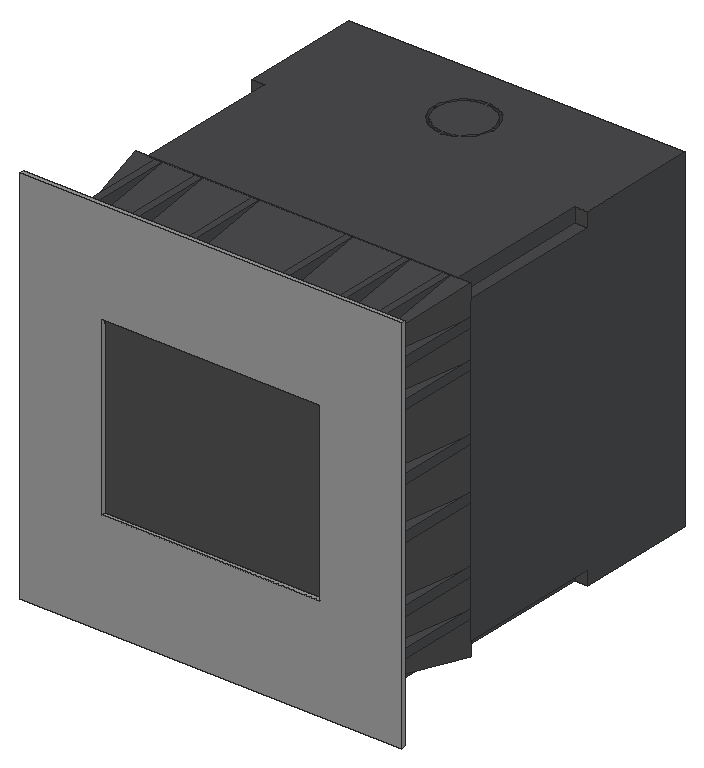
Revit family "WALL STAIR LIGHT_CM5C.1", category Luminarias, Revit 2019
Family settings
  Cota de conector redondo = Diámetro de uso
  Tipo de pieza = Normal
  Se basa en plano de trabajo = Sí
  Siempre vertical = No
  Corte con vacíos al cargar = No
  Origen de luz = Sí
  Compartido = No
  Punto de cálculo de habitación = No
Parameters (values of type "WALL STAIR LIGHT_CM5C.1")
  Ángulo de inclinación = 90.00°
  Ángulo de enfoque = 30.00°
  Ángulo de campo de foco = 90.00°
  Zone [instance] = ""
  Watt per fixture = 6.8
  Wattage = 6.8 W
  built-in parameter 1150107 = 6000 (stored number, unit not read)
  built-in parameter 1150110 = 1 (stored number, unit not read)
  built-in parameter 1150109 = 1 (stored number, unit not read)
  built-in parameter 1150112 = 1 (stored number, unit not read)
  built-in parameter 1150113 = 1 (stored number, unit not read)
  built-in parameter 1114218 = 1 (stored number, unit not read)
  Keynote = ""
  built-in parameter 1150137 = (empty or 0)
  built-in parameter 1150132 = (empty or 0)
  Modelo = "CM5C.1"
  Lámpara = "SMD 3030"
  Longitud de símbolo de origen de luz = 500 mm
  Longitud [instance] = 1000 mm
  built-in parameter 1150105 = 363.1 (stored number, unit not read)
  built-in parameter 1150102 = (empty or 0)
  built-in parameter 1150106 = 3.631 (stored number, unit not read)
  Lumens = 108.596 lm
  Color Filter = 16777215
  built-in parameter 1114217 = 1 (stored number, unit not read)
  built-in parameter 1150139 = (empty or 0)
  Fabricante = "BRILLANT"
  Default Elevation = 0 mm
  built-in parameter 1150104 = 1.4837 (stored number, unit not read)
  Descripción = "LUMINARIA TIPO RECTANGULAR PARA EMPOTRAR EN MURO CON CUERPO DE ALUMINIO FUNDIDO A PRESION CUBIERTO CON POLVO GRIS OSCURO, IP 65 USO PARA INTERIORES O EXTERIORES CON CUERPO DE 0.9KG, CUENTA CON 10 LED SMD3030 CON UNA POTENCIA TOTAL DE 6.8W, A UNA TEMPERATURA EN BLANCO FRIO 6000K CON 124.6 LUMENES, EFICIENCIA DE 15.97LM/W, IRC 80, IK10, APERTURA A 120 GRADOS EN STOCK, 90mA EN CORRIENTE DE OPERACIÓN, ALIMENTADA A 100-240V."
  built-in parameter 1150115 = 1 (stored number, unit not read)
  built-in parameter 1150114 = 1 (stored number, unit not read)
  Comentarios de vataje = "100-240V"
  built-in parameter 1150138 = (empty or 0)
  built-in parameter 1150134 = 5
  Circuit [instance] = ""
  Dimming Lamp Color Temperature Shift = (empty or 0)
  built-in parameter 1150133 = 10 (stored number, unit not read)
Reference planes
  plane 1 "Centro (Frontal/Posterior)": y = 0
  plane 2: z = 0
  plane 3 "Centro (Izquierda/Derecha)": x = 0
Forms (mm)
  Extrusion 1, solid, material "Acabado Blanco"
    sketch origin (0, 0, 0) x (1, 0, 0) y (0, 0, 1)
      loop
        line (-50, 100) -> (-50, 0) -> (50, 0) -> (50, 100) -> (-50, 100)
      loop
        line (-28.71, 73.301) -> (-28.71, 27.289) -> (28.71, 27.289) -> (28.71, 73.301) -> (-28.71, 73.301)
    from -1.076 to 0
  Extrusion 2, solid
    sketch origin (-5.531, 0, 17.605) x (0, 0, 1) y (0, -1, 0)
      loop
        line (6.199, -1.076) -> (57.195, -27.06) -> (57.195, -1.076) -> (55.695, -1.076) -> (55.695, -24.521) -> (9.683, -1.076) -> (6.199, -1.076)
    from -23.179 to 34.242
  Extrusion 3, solid, material "Plastico"
    sketch origin (0, 0, 0) x (1, 0, 0) y (0, 0, 1)
      loop
        arc (-25.773, 76.345) -> (-28.911, 75.045) -> (-30.21, 71.908) r 4.437
        line (-30.21, 71.908) -> (-30.21, 26.741)
        arc (-30.21, 26.741) -> (-28.911, 23.604) -> (-25.773, 22.305) r 4.437
        line (-25.773, 22.305) -> (-9.415, 22.305) -> (-9.415, 19.826) -> (-6.449, 19.826) -> (-6.449, 22.305) -> (-4.708, 22.305) -> (-4.708, 19.826) -> (-1.741, 19.826) -> (-1.741, 22.305) -> (1.741, 22.305) -> (1.741, 19.826) -> (4.708, 19.826) -> (4.708, 22.305) -> (6.449, 22.305) -> (6.449, 19.826) -> (9.415, 19.826) -> (9.415, 22.305) -> (25.773, 22.305)
        arc (25.773, 22.305) -> (28.911, 23.604) -> (30.21, 26.741) r 4.437
        line (30.21, 26.741) -> (30.21, 71.908)
        arc (30.21, 71.908) -> (28.911, 75.045) -> (25.773, 76.345) r 4.437
        line (25.773, 76.345) -> (9.415, 76.345) -> (9.415, 78.824) -> (6.449, 78.824) -> (6.449, 76.345) -> (4.708, 76.345) -> (4.708, 78.824) -> (1.741, 78.824) -> (1.741, 76.345) -> (-1.741, 76.345) -> (-1.741, 78.824) -> (-4.708, 78.824) -> (-4.708, 76.345) -> (-6.449, 76.345) -> (-6.449, 78.824) -> (-9.415, 78.824) -> (-9.415, 76.345) -> (-25.773, 76.345)
      loop
        arc (-28.71, 26.741) -> (-27.85, 24.665) -> (-25.773, 23.805) r 2.937
        line (-25.773, 23.805) -> (25.773, 23.805)
        arc (25.773, 23.805) -> (27.85, 24.665) -> (28.71, 26.741) r 2.937
        line (28.71, 26.741) -> (28.71, 71.908)
        arc (28.71, 71.908) -> (27.85, 73.984) -> (25.773, 74.845) r 2.937
        line (25.773, 74.845) -> (-25.773, 74.845)
        arc (-25.773, 74.845) -> (-27.85, 73.984) -> (-28.71, 71.908) r 2.937
        line (-28.71, 71.908) -> (-28.71, 26.741)
    from -1.076 to -92.06
  Extrusion 4, solid, material "Acero Inoxidable"
    sketch origin (0, 0, 0) x (1, 0, 0) y (0, 1, 0)
      loop
        line (-30.21, 90.975) -> (-31.01, 90.975) -> (-31.01, 34.176)
        arc (-31.01, 34.176) -> (-33.361, 28.186) -> (-31.01, 22.196) r 8.807
        line (-31.01, 22.196) -> (-31.01, 7.519) -> (-30.21, 7.519) -> (-30.21, 22.519)
        arc (-30.21, 22.519) -> (-32.561, 28.186) -> (-30.21, 33.854) r 8.007
        line (-30.21, 33.854) -> (-30.21, 90.975)
      loop
        line (30.21, 90.975) -> (30.21, 33.854)
        arc (30.21, 33.854) -> (32.561, 28.186) -> (30.21, 22.519) r 8.007
        line (30.21, 22.519) -> (30.21, 7.519) -> (31.01, 7.519) -> (31.01, 22.196)
        arc (31.01, 22.196) -> (33.361, 28.186) -> (31.01, 34.176) r 8.807
        line (31.01, 34.176) -> (31.01, 90.975) -> (30.21, 90.975)
    from 35.297 to 68.669
  Extrusion 5, solid
    sketch origin (0, 0, 0) x (1, 0, 0) y (0, 0, 1)
      loop
        circle (25.773, 71.908) r 1.863
      loop
        circle (-25.773, 71.908) r 1.863
      loop
        circle (25.773, 26.741) r 1.863
      loop
        circle (-25.773, 26.741) r 1.863
    from -95.579 to -93.578
  Extrusion 6, solid, material "Plastico"
    sketch origin (0, 0, 0) x (1, 0, 0) y (0, 0, 1)
      loop
        arc (-25.773, 76.345) -> (-28.911, 75.045) -> (-30.21, 71.908) r 4.437
        line (-30.21, 71.908) -> (-30.21, 26.741)
        arc (-30.21, 26.741) -> (-28.911, 23.604) -> (-25.773, 22.305) r 4.437
        line (-25.773, 22.305) -> (-9.415, 22.305) -> (-9.415, 19.826) -> (-6.449, 19.826) -> (-6.449, 22.305) -> (-4.708, 22.305) -> (-4.708, 19.826) -> (-1.741, 19.826) -> (-1.741, 22.305) -> (1.741, 22.305) -> (1.741, 19.826) -> (4.708, 19.826) -> (4.708, 22.305) -> (6.449, 22.305) -> (6.449, 19.826) -> (9.415, 19.826) -> (9.415, 22.305) -> (25.773, 22.305)
        arc (25.773, 22.305) -> (28.911, 23.604) -> (30.21, 26.741) r 4.437
        line (30.21, 26.741) -> (30.21, 71.908)
        arc (30.21, 71.908) -> (28.911, 75.045) -> (25.773, 76.345) r 4.437
        line (25.773, 76.345) -> (9.415, 76.345) -> (9.415, 78.824) -> (6.449, 78.824) -> (6.449, 76.345) -> (4.708, 76.345) -> (4.708, 78.824) -> (1.741, 78.824) -> (1.741, 76.345) -> (-1.741, 76.345) -> (-1.741, 78.824) -> (-4.708, 78.824) -> (-4.708, 76.345) -> (-6.449, 76.345) -> (-6.449, 78.824) -> (-9.415, 78.824) -> (-9.415, 76.345) -> (-25.773, 76.345)
    from -93.578 to -92.06
  Extrusion 7, solid, material "Plastico"
    sketch origin (0, 0, 0) x (1, 0, 0) y (0, 0, 1)
      loop
        line (-44, 94) -> (-44, 6) -> (44, 6) -> (44, 94) -> (-44, 94)
    from -6.072 to -1.076
  Extrusion 8, solid, material "Plastico"
    sketch origin (0, 0, 0) x (1, 0, 0) y (0, 0, 1)
      loop
        line (-44, 94) -> (-44, 6) -> (44, 6) -> (44, 94) -> (-44, 94)
    from -100.256 to -30.254
  Blend 9, solid, material "Plastico"
    base sketch origin (0, 0, 0) x (1, 0, 0) y (0, 0, 1)
      loop
        line (-40, 90) -> (-40, 10) -> (40, 10) -> (40, 90) -> (-40, 90)
    top sketch origin (0, 0, 0) x (1, 0, 0) y (0, 0, 1)
      loop
        line (-44, 94) -> (-44, 6) -> (44, 6) -> (44, 94) -> (-44, 94)
    from -6.072 to -30.254
  Extrusion 10, void
    sketch origin (0, 0, 0) x (1, 0, 0) y (0, 1, 0)
      loop
        arc (-0.352, 91.013) -> (-5.634, 88.687) -> (-7.96, 83.404) r 7.968
        line (-7.96, 83.404) -> (-7.159, 83.404)
        arc (-7.159, 83.404) -> (-5.068, 88.121) -> (-0.352, 90.212) r 7.168
        line (-0.352, 90.212) -> (-0.352, 91.013)
      loop
        line (0.352, 91.013) -> (0.352, 90.212)
        arc (0.352, 90.212) -> (5.068, 88.121) -> (7.159, 83.404) r 7.168
        line (7.159, 83.404) -> (7.96, 83.404)
        arc (7.96, 83.404) -> (5.634, 88.687) -> (0.352, 91.013) r 7.968
      loop
        line (-0.352, 75.093) -> (-0.352, 75.894)
        arc (-0.352, 75.894) -> (-5.068, 77.984) -> (-7.159, 82.701) r 7.168
        line (-7.159, 82.701) -> (-7.96, 82.701)
        arc (-7.96, 82.701) -> (-5.634, 77.419) -> (-0.352, 75.093) r 7.968
      loop
        arc (0.352, 75.093) -> (5.634, 77.419) -> (7.96, 82.701) r 7.968
        line (7.96, 82.701) -> (7.159, 82.701)
        arc (7.159, 82.701) -> (5.068, 77.984) -> (0.352, 75.894) r 7.168
        line (0.352, 75.894) -> (0.352, 75.093)
    from 6 to 10
  Extrusion 11, void
    sketch origin (0, 0, 100) x (0, -1, 0) y (1, 0, 0)
      loop
        arc (-91.013, -0.352) -> (-88.687, -5.634) -> (-83.404, -7.96) r 7.968
        line (-83.404, -7.96) -> (-83.404, -7.159)
        arc (-83.404, -7.159) -> (-88.121, -5.068) -> (-90.212, -0.352) r 7.168
        line (-90.212, -0.352) -> (-91.013, -0.352)
      loop
        line (-91.013, 0.352) -> (-90.212, 0.352)
        arc (-90.212, 0.352) -> (-88.121, 5.068) -> (-83.404, 7.159) r 7.168
        line (-83.404, 7.159) -> (-83.404, 7.96)
        arc (-83.404, 7.96) -> (-88.687, 5.634) -> (-91.013, 0.352) r 7.968
      loop
        line (-75.093, -0.352) -> (-75.894, -0.352)
        arc (-75.894, -0.352) -> (-77.984, -5.068) -> (-82.701, -7.159) r 7.168
        line (-82.701, -7.159) -> (-82.701, -7.96)
        arc (-82.701, -7.96) -> (-77.419, -5.634) -> (-75.093, -0.352) r 7.968
      loop
        arc (-75.093, 0.352) -> (-77.419, 5.634) -> (-82.701, 7.96) r 7.968
        line (-82.701, 7.96) -> (-82.701, 7.159)
        arc (-82.701, 7.159) -> (-77.984, 5.068) -> (-75.894, 0.352) r 7.168
        line (-75.894, 0.352) -> (-75.093, 0.352)
    from -10 to -6
  Extrusion 12, solid, material "Plastico"
    sketch origin (30.703, 0, 0) x (0, 1, 0) y (0, 0, -1)
      loop
        line (30.254, -94) -> (6.072, -90.049) -> (6.072, -94) -> (30.254, -94)
      loop
        line (30.254, -6) -> (6.072, -6) -> (6.072, -9.951) -> (30.254, -6)
    from -7.992 to -6.214
  Extrusion 13, solid, material "Plastico"
    sketch origin (0, 0, -0.45) x (0, 1, 0) y (-1, 0, 0)
      loop
        line (6.072, 44) -> (6.072, 40) -> (30.254, 44) -> (6.072, 44)
      loop
        line (6.072, -44) -> (30.254, -44) -> (6.072, -40) -> (6.072, -44)
    from 83.915 to 86.364
  Extrusion 14, solid, material "Plastico"
    sketch origin (20.156, 0, 0) x (0, 1, 0) y (0, 0, -1)
      loop
        line (30.254, -94) -> (6.072, -90.049) -> (6.072, -94) -> (30.254, -94)
      loop
        line (30.254, -6) -> (6.072, -6) -> (6.072, -9.951) -> (30.254, -6)
    from -7.992 to -6.214
  Extrusion 15, solid, material "Plastico"
    sketch origin (5.156, 0, 0) x (0, 1, 0) y (0, 0, -1)
      loop
        line (30.254, -94) -> (6.072, -90.049) -> (6.072, -94) -> (30.254, -94)
      loop
        line (30.254, -6) -> (6.072, -6) -> (6.072, -9.951) -> (30.254, -6)
    from -7.992 to -6.214
  Extrusion 16, solid, material "Plastico"
    sketch origin (-30.703, 0, 0) x (0, 1, 0) y (0, 0, 1)
      loop
        line (30.254, 94) -> (6.072, 94) -> (6.072, 90.049) -> (30.254, 94)
      loop
        line (30.254, 6) -> (6.072, 9.951) -> (6.072, 6) -> (30.254, 6)
    from -7.992 to -6.214
  Extrusion 17, solid, material "Plastico"
    sketch origin (-20.156, 0, 0) x (0, 1, 0) y (0, 0, 1)
      loop
        line (30.254, 94) -> (6.072, 94) -> (6.072, 90.049) -> (30.254, 94)
      loop
        line (30.254, 6) -> (6.072, 9.951) -> (6.072, 6) -> (30.254, 6)
    from -7.992 to -6.214
  Extrusion 18, solid, material "Plastico"
    sketch origin (-5.156, 0, 0) x (0, 1, 0) y (0, 0, 1)
      loop
        line (30.254, 94) -> (6.072, 94) -> (6.072, 90.049) -> (30.254, 94)
      loop
        line (30.254, 6) -> (6.072, 9.951) -> (6.072, 6) -> (30.254, 6)
    from -7.992 to -6.214
  Extrusion 19, solid, material "Plastico"
    sketch origin (0, 0, -10.45) x (0, 1, 0) y (-1, 0, 0)
      loop
        line (6.072, 44) -> (6.072, 40) -> (30.254, 44) -> (6.072, 44)
      loop
        line (6.072, -44) -> (30.254, -44) -> (6.072, -40) -> (6.072, -44)
    from 83.915 to 86.364
  Extrusion 20, solid, material "Plastico"
    sketch origin (0, 0, -27.853) x (0, 1, 0) y (-1, 0, 0)
      loop
        line (6.072, 44) -> (6.072, 40) -> (30.254, 44) -> (6.072, 44)
      loop
        line (6.072, -44) -> (30.254, -44) -> (6.072, -40) -> (6.072, -44)
    from 83.915 to 86.364
  Extrusion 21, solid, material "Plastico"
    sketch origin (0, 0, -68.925) x (-1, 0, 0) y (0, -1, 0)
      loop
        line (44, -6.072) -> (40, -6.072) -> (44, -30.254) -> (44, -6.072)
      loop
        line (-44, -6.072) -> (-44, -30.254) -> (-40, -6.072) -> (-44, -6.072)
    from 83.915 to 86.364
  Extrusion 22, solid, material "Plastico"
    sketch origin (0, 0, -58.925) x (-1, 0, 0) y (0, -1, 0)
      loop
        line (44, -6.072) -> (40, -6.072) -> (44, -30.254) -> (44, -6.072)
      loop
        line (-44, -6.072) -> (-44, -30.254) -> (-40, -6.072) -> (-44, -6.072)
    from 83.915 to 86.364
  Extrusion 23, solid, material "Plastico"
    sketch origin (0, 0, -41.522) x (-1, 0, 0) y (0, -1, 0)
      loop
        line (44, -6.072) -> (40, -6.072) -> (44, -30.254) -> (44, -6.072)
      loop
        line (-44, -6.072) -> (-44, -30.254) -> (-40, -6.072) -> (-44, -6.072)
    from 83.915 to 86.364
  Extrusion 24, void
    sketch origin (0, 0, 0) x (1, 0, 0) y (0, 0, 1)
      loop
        line (-44, 94) -> (-44, 90.097) -> (-40.686, 90.097) -> (-40.686, 94) -> (-44, 94)
      loop
        line (44, 94) -> (40.686, 94) -> (40.686, 90.097) -> (44, 90.097) -> (44, 94)
      loop
        line (-44, 6) -> (-40.686, 6) -> (-40.686, 9.903) -> (-44, 9.903) -> (-44, 6)
      loop
        line (44, 6) -> (44, 9.903) -> (40.686, 9.903) -> (40.686, 6) -> (44, 6)
    from -68.418 to -30.254
Cuts and joins
  joined: Extrusion 3, Extrusion 6
  Extrusion 10, Extrusion 11, Extrusion 24 cuts Extrusion 8
  Extrusion 24 cuts Extrusion 1
Dimensions and locks
  locked: Extrusion 6 to Extrusion 6 at 1.518
  aligned and locked: level to plane 2
  aligned and locked: Extrusion 3 to Extrusion 6
Connectors
  electrical at (0, 100.256, 50)
    settings: on cut or joined group of Extrusion 8, Extrusion 10, Extrusion 11, Extrusion 24, index 1, voltage 240 V, apparent load 0 VA, apparent load phase1 0 VA, apparent load phase2 0 VA, apparent load phase3 0 VA, power factor 1, load classification "Otro", number of poles 1, system type 31, power factor state 1, is connector primary yes, connector utility no, sub classification motor no, connector description ""
